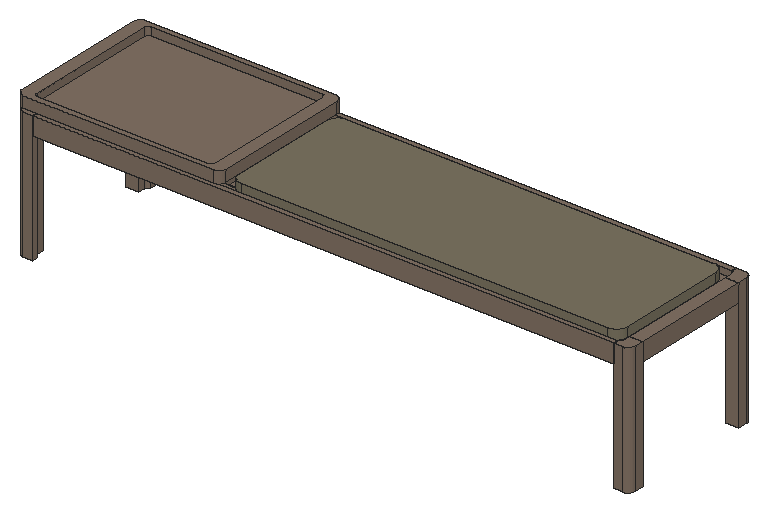
Revit family "Museum_Bench_BIM", category Arredi, Revit 2023
Family settings
  Numero OmniClass = 23.40.20.00
  Titolo OmniClass = General Furniture and Specialties
  Basato su piano di lavoro = No
  Attiva taglio nelle viste = No
  Sempre verticale = Sì
  Taglio con vuoti quando caricato = No
  Origine composizione di rendering = Geometria famiglia
  Condiviso = No
  Punto di calcolo locali = No
Parameters (values of type "CB-31B")
  WIDTH = 1685 mm
  URL = "https://bassamfellows.com/"
  UPHOLSTERY MATERIAL = BASSAM_FELLOWS_ELEGANT_LEATHER_48027_OLIVE
  TECHNICAL SHEET = "https://bassamfellows.com/collections/museum-bench"
  STRUCTURE MATERIAL = BASSAM_FELLOWS_WALNUT_BLACK_OIL_W-BO
  PRODUCT SHEET = "https://www.archiproducts.com/en/products/bassamfellows/solid-wood-and-brass-bench-museum_447632"
  PRODUCT CODE = "CB-31B"
  Modello = "Museum Bench (2/3 Cushion and Removable Tray)"
  Produttore = "BassamFellows"
  MATERIAL DESCRIPTION = "Carved, solid wood exterior frame. Steel inner frame. Upholstery: Foam with edge banding. Single topstitch detail."  # constant formula
  HEIGHT = 385 mm
  FULL CUSHION = no
  Descrizione = "Solid wood and brass bench"
  Prospetto di default = 0 mm
  DEPTH = 420 mm
  COLLECTION = "Museum Bench"
  CB-12 = yes
  BIM USER MANUAL = "https://bimcad.edilportale.com/BASSAMFELLOWS-BIM-USER-MANUAL-BassamFellows-bim.pdf"
  BIM BADGE = "https://bim.archiproducts.com/it/badge/bim-archiproducts-featured_658700/about"
  BIM AUTHOR = "https://bim.archiproducts.com/"
  BASE MATERIAL = BASSAM_FELLOWS_WALNUT_BLACK_OIL_W-BO
  AVAILABLE FINISHES = "Ebonized black lacquer on Ash (EB) or bleached, white pigment, matte acrylic on Ash (BL). Raw effect lacquer on Oak (RE). Hand rubbed natural oil on Oak or Walnut (NA), or hand rubbed black oil on Walnut (BO). Inner frame: Satin nickel (SN), satin brass (SB), bronze (BZ) or gunmetal (GM) nanoceramic coated steel."  # constant formula
  AVAILABLE DIMENSIONS = ""
  AVAILABLE COLORS = ""
  ACCESSORIES = ""
  2/3 CUSHION = yes
Types (2, lengths in mm): name | PRODUCT CODE | Modello | FULL CUSHION | CB-12 | 2/3 CUSHION
  CB-31B | "CB-31B" | "Museum Bench (2/3 Cushion and Removable Tray)" | no | yes | yes
  CB-31 | "CB-31" | "Museum Bench (Full Cushion)" | yes | no | no
Reference planes
  plane 1 "Center (Front/Back)": y = 0
  plane 2: z = 0
  plane 3 "Center (Left/Right)": x = 0
  plane 4 "TOP": z = 385
  plane 5: x = -842.5
  plane 6: x = 842.5
  plane 7: y = 210
  plane 8: y = -210
Forms (mm)
  Extrusion 1, solid, not visible
    sketch origin (314.943, -207.5, 0) x (-1, 0, 0) y (0, 0, 1)
      loop
        line (794.943, 399) -> (819.091, 310) -> (863.645, 310) -> (842.502, 387.928)
        arc (842.502, 387.928) -> (837.138, 395.915) -> (828.025, 399) r 15
        line (828.025, 399) -> (794.943, 399)
    from 0 to 415
  Blend 2, solid, not visible, detail levels fine
    base sketch origin (29.864, 0, -5.191) x (1, 0, 0.000401) y (0, 1, 0)
      loop
        line (-496.501, -245.5) -> (-496.501, -207.5) -> (-562.246, -207.5) -> (-562.246, -225.5)
        arc (-562.246, -225.5) -> (-556.388, -239.642) -> (-542.246, -245.5) r 20
        line (-542.246, -245.5) -> (-496.501, -245.5)
    top sketch origin (29.864, 0, -5.191) x (1, 0, 0.000401) y (0, 1, 0)
      loop
        arc (-374.739, -225.5) -> (-368.881, -239.642) -> (-354.739, -245.5) r 20
        line (-354.739, -245.5) -> (-308.994, -245.5) -> (-308.994, -207.5) -> (-374.739, -207.5) -> (-374.739, -225.5)
    from 0 to 695.202
  Blend 3, solid, not visible, detail levels fine
    base sketch origin (29.864, 0, -5.191) x (1, 0, 0.000401) y (0, 1, 0)
      loop
        line (-496.501, 245.5) -> (-542.246, 245.5)
        arc (-542.246, 245.5) -> (-556.388, 239.642) -> (-562.246, 225.5) r 20
        line (-562.246, 225.5) -> (-562.246, 207.5) -> (-496.501, 207.5) -> (-496.501, 245.5)
    top sketch origin (29.864, 0, -5.191) x (1, 0, 0.000401) y (0, 1, 0)
      loop
        line (-374.739, 225.5) -> (-374.739, 207.5) -> (-308.994, 207.5) -> (-308.994, 245.5) -> (-354.739, 245.5)
        arc (-354.739, 245.5) -> (-368.881, 239.642) -> (-374.739, 225.5) r 20
    from 0 to 695.202
  Blend 4, solid, not visible, detail levels fine
    base sketch origin (29.864, 0, -5.191) x (1, 0, 0.000401) y (0, 1, 0)
      loop
        line (-496.501, -245.5) -> (-496.501, -207.5) -> (-562.246, -207.5) -> (-562.246, -225.5)
        arc (-562.246, -225.5) -> (-556.388, -239.642) -> (-542.246, -245.5) r 20
        line (-542.246, -245.5) -> (-496.501, -245.5)
    top sketch origin (29.864, 0, -5.191) x (1, 0, 0.000401) y (0, 1, 0)
      loop
        arc (-374.739, -225.5) -> (-368.881, -239.642) -> (-354.739, -245.5) r 20
        line (-354.739, -245.5) -> (-308.994, -245.5) -> (-308.994, -207.5) -> (-374.739, -207.5) -> (-374.739, -225.5)
    from 0 to 695.202
  Blend 5, solid, not visible, detail levels fine
    base sketch origin (29.864, 0, -5.191) x (1, 0, 0.000401) y (0, 1, 0)
      loop
        line (-496.501, 245.5) -> (-542.246, 245.5)
        arc (-542.246, 245.5) -> (-556.388, 239.642) -> (-562.246, 225.5) r 20
        line (-562.246, 225.5) -> (-562.246, 207.5) -> (-496.501, 207.5) -> (-496.501, 245.5)
    top sketch origin (29.864, 0, -5.191) x (1, 0, 0.000401) y (0, 1, 0)
      loop
        line (-374.739, 225.5) -> (-374.739, 207.5) -> (-308.994, 207.5) -> (-308.994, 245.5) -> (-354.739, 245.5)
        arc (-354.739, 245.5) -> (-368.881, 239.642) -> (-374.739, 225.5) r 20
    from 0 to 695.202
  Extrusion 6, solid, detail levels medium
    sketch origin (0, 0, 0) x (1, 0, 0) y (0, 1, 0)
      loop
        line (-842.5, 210) -> (-842.5, -210) -> (842.5, -210) -> (842.5, 210) -> (-842.5, 210)
    from 0 to 424.661
  Extrusion 7, solid, material "BASSAM_FELLOWS_WALNUT_BLACK_OIL_W-BO" <- "STRUCTURE MATERIAL", detail levels fine
    sketch origin (0, 0, 385) x (-1, 0, 0) y (0, -1, 0)
      loop
        line (807.5, -165) -> (807.5, -185.01)
        arc (807.5, -185.01) -> (804.571, -192.081) -> (797.5, -195.01) r 10
        line (797.5, -195.01) -> (797.5, -210) -> (823.724, -210)
        arc (823.724, -210) -> (836.925, -203.672) -> (842.5, -190.136) r 20.424
        line (842.5, -190.136) -> (842.5, -165) -> (807.5, -165)
      loop
        line (807.5, 165) -> (842.5, 165) -> (842.5, 190.136)
        arc (842.5, 190.136) -> (836.925, 203.672) -> (823.724, 210) r 20.424
        line (823.724, 210) -> (797.5, 210) -> (797.5, 195.01)
        arc (797.5, 195.01) -> (804.571, 192.081) -> (807.5, 185.01) r 10
        line (807.5, 185.01) -> (807.5, 165)
      loop
        line (-807.5, -165) -> (-842.5, -165) -> (-842.5, -190.136)
        arc (-842.5, -190.136) -> (-836.925, -203.672) -> (-823.724, -210) r 20.424
        line (-823.724, -210) -> (-797.5, -210) -> (-797.5, -195.01)
        arc (-797.5, -195.01) -> (-804.571, -192.081) -> (-807.5, -185.01) r 10
        line (-807.5, -185.01) -> (-807.5, -165)
      loop
        line (-807.5, 165) -> (-807.5, 185.01)
        arc (-807.5, 185.01) -> (-804.571, 192.081) -> (-797.5, 195.01) r 10
        line (-797.5, 195.01) -> (-797.5, 210) -> (-823.724, 210)
        arc (-823.724, 210) -> (-836.925, 203.672) -> (-842.5, 190.136) r 20.424
        line (-842.5, 190.136) -> (-842.5, 165) -> (-807.5, 165)
    from 0 to -357
  Extrusion 8, solid, material "BASSAM_FELLOWS_WALNUT_BLACK_OIL_W-BO" <- "STRUCTURE MATERIAL", detail levels fine
    sketch origin (0, 0, 385) x (-1, 0, 0) y (0, -1, 0)
      loop
        line (842.5, -165) -> (842.5, 165) -> (807.5, 165) -> (807.5, -165) -> (842.5, -165)
      loop
        line (797.5, -210) -> (797.5, -195.01) -> (-797.5, -195.01) -> (-797.5, -210) -> (797.5, -210)
      loop
        line (-807.5, -165) -> (-807.5, 165) -> (-842.5, 165) -> (-842.5, -165) -> (-807.5, -165)
      loop
        line (-797.5, 195.01) -> (797.5, 195.01) -> (797.5, 210) -> (-797.5, 210) -> (-797.5, 195.01)
    from 0 to -50
  Extrusion 9, solid, material "BASSAM_FELLOWS_WALNUT_BLACK_OIL_W-BO" <- "STRUCTURE MATERIAL", detail levels fine
    sketch origin (0, 0, 385) x (-1, 0, 0) y (0, -1, 0)
      loop
        line (799.5, 166) -> (799.5, 191) -> (-799.5, 191) -> (-799.5, 166) -> (-799.5, -166) -> (-799.5, -191) -> (799.5, -191) -> (799.5, -166) -> (799.5, 166)
      loop
        line (774.5, -166) -> (774.5, 166) -> (-774.5, 166) -> (-774.5, -166) -> (774.5, -166)
    from -13.669 to -50
  Extrusion 10, solid, material "BASSAM_FELLOWS_WALNUT_BLACK_OIL_W-BO" <- "STRUCTURE MATERIAL", detail levels fine
    sketch origin (0, 0, 385) x (-1, 0, 0) y (0, -1, 0)
      loop
        line (-724.5, -166) -> (-724.5, 166) -> (-749.5, 166) -> (-749.5, -166) -> (-724.5, -166)
      loop
        line (-674.5, -166) -> (-674.5, 166) -> (-699.5, 166) -> (-699.5, -166) -> (-674.5, -166)
      loop
        line (-624.5, -166) -> (-624.5, 166) -> (-649.5, 166) -> (-649.5, -166) -> (-624.5, -166)
      loop
        line (-574.5, -166) -> (-574.5, 166) -> (-599.5, 166) -> (-599.5, -166) -> (-574.5, -166)
      loop
        line (-524.5, -166) -> (-524.5, 166) -> (-549.5, 166) -> (-549.5, -166) -> (-524.5, -166)
      loop
        line (-474.5, -166) -> (-474.5, 166) -> (-499.5, 166) -> (-499.5, -166) -> (-474.5, -166)
      loop
        line (-424.5, -166) -> (-424.5, 166) -> (-449.5, 166) -> (-449.5, -166) -> (-424.5, -166)
      loop
        line (-374.5, -166) -> (-374.5, 166) -> (-399.5, 166) -> (-399.5, -166) -> (-374.5, -166)
      loop
        line (-314.5, -166) -> (-314.5, 166) -> (-339.5, 166) -> (-339.5, -166) -> (-314.5, -166)
      loop
        line (-259.5, -166) -> (-259.5, 166) -> (-284.5, 166) -> (-284.5, -166) -> (-259.5, -166)
      loop
        line (-209.5, -166) -> (-209.5, 166) -> (-234.5, 166) -> (-234.5, -166) -> (-209.5, -166)
      loop
        line (-159.5, -166) -> (-159.5, 166) -> (-184.5, 166) -> (-184.5, -166) -> (-159.5, -166)
      loop
        line (-109.5, -166) -> (-109.5, 166) -> (-134.5, 166) -> (-134.5, -166) -> (-109.5, -166)
      loop
        line (-59.5, -166) -> (-59.5, 166) -> (-84.5, 166) -> (-84.5, -166) -> (-59.5, -166)
      loop
        line (-9.5, -166) -> (-9.5, 166) -> (-34.5, 166) -> (-34.5, -166) -> (-9.5, -166)
      loop
        line (37.5, -166) -> (37.5, 166) -> (12.5, 166) -> (12.5, -166) -> (37.5, -166)
      loop
        line (87.5, -166) -> (87.5, 166) -> (62.5, 166) -> (62.5, -166) -> (87.5, -166)
      loop
        line (137.5, -166) -> (137.5, 166) -> (112.5, 166) -> (112.5, -166) -> (137.5, -166)
      loop
        line (187.5, -166) -> (187.5, 166) -> (162.5, 166) -> (162.5, -166) -> (187.5, -166)
      loop
        line (237.5, -166) -> (237.5, 166) -> (212.5, 166) -> (212.5, -166) -> (237.5, -166)
      loop
        line (292.5, -166) -> (292.5, 166) -> (267.5, 166) -> (267.5, -166) -> (292.5, -166)
      loop
        line (342.5, -166) -> (342.5, 166) -> (317.5, 166) -> (317.5, -166) -> (342.5, -166)
      loop
        line (399.5, -166) -> (399.5, 166) -> (374.5, 166) -> (374.5, -166) -> (399.5, -166)
      loop
        line (449.5, -166) -> (449.5, 166) -> (424.5, 166) -> (424.5, -166) -> (449.5, -166)
      loop
        line (499.5, -166) -> (499.5, 166) -> (474.5, 166) -> (474.5, -166) -> (499.5, -166)
      loop
        line (549.5, -166) -> (549.5, 166) -> (524.5, 166) -> (524.5, -166) -> (549.5, -166)
      loop
        line (599.5, -166) -> (599.5, 166) -> (574.5, 166) -> (574.5, -166) -> (599.5, -166)
      loop
        line (649.5, -166) -> (649.5, 166) -> (624.5, 166) -> (624.5, -166) -> (649.5, -166)
      loop
        line (699.5, -166) -> (699.5, 166) -> (674.5, 166) -> (674.5, -166) -> (699.5, -166)
      loop
        line (749.5, -166) -> (749.5, 166) -> (724.5, 166) -> (724.5, -166) -> (749.5, -166)
    from -13.669 to -50
  Extrusion 11, solid, material "BASSAM_FELLOWS_WALNUT_BLACK_OIL_W-BO" <- "BASE MATERIAL", visible <- "CB-12", detail levels fine
    sketch origin (0, 0, 385) x (-1, 0, 0) y (0, -1, 0)
      loop
        arc (823.724, -210) -> (836.925, -203.672) -> (842.5, -190.136) r 20.424
        line (842.5, -190.136) -> (842.5, 190.136)
        arc (842.5, 190.136) -> (836.925, 203.672) -> (823.724, 210) r 20.424
        line (823.724, 210) -> (301.276, 210)
        arc (301.276, 210) -> (288.075, 203.672) -> (282.5, 190.136) r 20.424
        line (282.5, 190.136) -> (282.5, -190.136)
        arc (282.5, -190.136) -> (288.075, -203.672) -> (301.276, -210) r 20.424
        line (301.276, -210) -> (823.724, -210)
      loop
        arc (807.5, 185.01) -> (804.571, 192.081) -> (797.5, 195.01) r 10
        line (797.5, 195.01) -> (327.5, 195.01)
        arc (327.5, 195.01) -> (320.429, 192.081) -> (317.5, 185.01) r 10
        line (317.5, 185.01) -> (317.5, -185.01)
        arc (317.5, -185.01) -> (320.429, -192.081) -> (327.5, -195.01) r 10
        line (327.5, -195.01) -> (797.5, -195.01)
        arc (797.5, -195.01) -> (804.571, -192.081) -> (807.5, -185.01) r 10
        line (807.5, -185.01) -> (807.5, 185.01)
    from 8.505 to 39.661
  Extrusion 12, solid, material "BASSAM_FELLOWS_WALNUT_BLACK_OIL_W-BO" <- "BASE MATERIAL", visible <- "CB-12", detail levels fine
    sketch origin (0, 0, 385) x (-1, 0, 0) y (0, -1, 0)
      loop
        line (807.5, -185.01) -> (807.5, 185.01)
        arc (807.5, 185.01) -> (804.571, 192.081) -> (797.5, 195.01) r 10
        line (797.5, 195.01) -> (327.5, 195.01)
        arc (327.5, 195.01) -> (320.429, 192.081) -> (317.5, 185.01) r 10
        line (317.5, 185.01) -> (317.5, -185.01)
        arc (317.5, -185.01) -> (320.429, -192.081) -> (327.5, -195.01) r 10
        line (327.5, -195.01) -> (797.5, -195.01)
        arc (797.5, -195.01) -> (804.571, -192.081) -> (807.5, -185.01) r 10
    from 19.144 to 8.505
  Extrusion 13, solid, material "BASSAM_FELLOWS_ELEGANT_LEATHER_48027_OLIVE" <- "UPHOLSTERY MATERIAL", visible <- "FULL CUSHION", detail levels fine
    sketch origin (0, 0, 371.331) x (-1, 0, 0) y (0, -1, 0)
      loop
        arc (759.5, -181) -> (780.713, -172.213) -> (789.5, -151) r 30
        line (789.5, -151) -> (789.5, 151)
        arc (789.5, 151) -> (780.713, 172.213) -> (759.5, 181) r 30
        line (759.5, 181) -> (-759.5, 181)
        arc (-759.5, 181) -> (-780.713, 172.213) -> (-789.5, 151) r 30
        line (-789.5, 151) -> (-789.5, -151)
        arc (-789.5, -151) -> (-780.713, -172.213) -> (-759.5, -181) r 30
        line (-759.5, -181) -> (759.5, -181)
    from 0 to 25
  Extrusion 14, solid, material "BASSAM_FELLOWS_ELEGANT_LEATHER_48027_OLIVE" <- "UPHOLSTERY MATERIAL", visible <- "2/3 CUSHION", detail levels fine
    sketch origin (0, 0, 371.331) x (-1, 0, 0) y (0, -1, 0)
      loop
        arc (247.582, -181) -> (268.795, -172.213) -> (277.582, -151) r 30
        line (277.582, -151) -> (277.582, 151)
        arc (277.582, 151) -> (268.795, 172.213) -> (247.582, 181) r 30
        line (247.582, 181) -> (-759.5, 181)
        arc (-759.5, 181) -> (-780.713, 172.213) -> (-789.5, 151) r 30
        line (-789.5, 151) -> (-789.5, -151)
        arc (-789.5, -151) -> (-780.713, -172.213) -> (-759.5, -181) r 30
        line (-759.5, -181) -> (247.582, -181)
    from 0 to 25
Lines and regions (mm)
  symbolic lines, detail levels coarse
    curve 1: line (0, 158.5, 299.996) -> (0, -158.5, 299.996)
    curve 2: line (0, 158.5, 150) -> (0, 158.5, 299.996)
    curve 3: line (0, -158.5, 150) -> (0, 158.5, 150)
    curve 4: line (0, -158.5, 299.996) -> (0, -158.5, 150)
    curve 5: line (0, 31.625, 150) -> (0, 31.625, 0)
    curve 6: line (0, 31.625, 0) -> (0, -31.753, 0)
    curve 7: line (0, -31.753, 0) -> (0, -31.753, 150)
    curve 8: line (-842.5, 210, 0) -> (842.5, 210, 0)
    curve 9: line (-842.5, -210, 0) -> (-842.5, 210, 0)
    curve 10: line (842.5, -210, 0) -> (-842.5, -210, 0)
    curve 11: line (842.5, 210, 0) -> (842.5, -210, 0)
    curve 12: line (-842.5, 210, 385) -> (842.5, 210, 385)
    curve 13: line (-842.5, -210, 385) -> (-842.5, 210, 385)
    curve 14: line (842.5, -210, 385) -> (-842.5, -210, 385)
    curve 15: line (842.5, 210, 385) -> (842.5, -210, 385)
Dimensions and locks
  "HEIGHT": plane 4 "TOP" to plane 2
  equal spacing: plane 5, plane 3 "Center (Left/Right)", plane 6
  equal spacing: plane 7, plane 1 "Center (Front/Back)", plane 8
  "DEPTH": plane 7 to plane 8
  "WIDTH": plane 5 to plane 6
  aligned and locked: level to plane 2
  aligned and locked: Blend 2 sketch curve to var sketch
  aligned and locked: Blend 3 sketch curve to var sketch
  aligned and locked: Blend 4 sketch curve to var sketch
  aligned and locked: Blend 5 sketch curve to var sketch
  aligned and locked: Extrusion 6 sketch curve to curve 8
  aligned and locked: Extrusion 6 sketch curve to curve 9
  aligned and locked: Extrusion 6 sketch curve to curve 10
  aligned and locked: Extrusion 6 sketch curve to curve 11
Automatic sketch dimensions
  Extrusion 1 sketch curve to Extrusion 1 sketch curve = 24.147 mm
  Extrusion 1 sketch curve to Extrusion 1 sketch curve = 33.082 mm
  Extrusion 1 sketch curve to Extrusion 1 sketch curve = 14.477 mm
  Extrusion 1 sketch curve to Extrusion 1 sketch curve = 44.555 mm
  Extrusion 1 sketch curve to Extrusion 1 sketch curve = 74 mm
  Extrusion 1 sketch curve to Extrusion 1 sketch curve = 3.928 mm
  curve 10 to plane 5 = 0 mm
  curve 10 to plane 6 = 0 mm
  curve 10 to plane 8 = 0 mm
  curve 9 to plane 7 = 0 mm
  curve 6 to level = 0 mm
  curve 1 to plane 8 = 51.5 mm
  curve 2 to plane 7 = 51.5 mm
  level to curve 3 = 150 mm
  curve 2 to plane 4 "TOP" = 85.004 mm
  Blend 2 sketch curve to Blend 2 sketch curve = 20 mm  (x2)
  Blend 2 sketch curve to Blend 2 sketch curve = 45.746 mm  (x2)
  Blend 3 sketch curve to Blend 3 sketch curve = 20 mm  (x2)
  Blend 3 sketch curve to Blend 3 sketch curve = 45.746 mm  (x2)
  Blend 2 sketch curve to Blend 2 sketch curve = 18 mm
  Blend 2 sketch curve to Blend 2 sketch curve = 38 mm
  Blend 3 sketch curve to Blend 3 sketch curve = 18 mm
  Blend 3 sketch curve to Blend 3 sketch curve = 38 mm
  Blend 4 sketch curve to Blend 4 sketch curve = 20 mm  (x2)
  Blend 4 sketch curve to Blend 4 sketch curve = 45.746 mm  (x2)
  Blend 5 sketch curve to Blend 5 sketch curve = 20 mm  (x2)
  Blend 5 sketch curve to Blend 5 sketch curve = 45.746 mm  (x2)
  Blend 4 sketch curve to Blend 4 sketch curve = 18 mm
  Blend 4 sketch curve to Blend 4 sketch curve = 38 mm
  Blend 5 sketch curve to Blend 5 sketch curve = 18 mm
  Blend 5 sketch curve to Blend 5 sketch curve = 38 mm
  curve 12 to plane 6 = 0 mm
  curve 14 to plane 5 = 0 mm
  plane 7 to curve 12 = 0 mm
  curve 14 to plane 8 = 0 mm
  curve 6 to plane 8 = 178.247 mm
  curve 5 to plane 7 = 178.375 mm
  Extrusion 7 sketch curve to plane 6 = 0 mm  (x2)
  plane 8 to Extrusion 7 sketch curve = 0 mm
  plane 7 to Extrusion 7 sketch curve = 0 mm
  Extrusion 7 sketch curve to plane 8 = 0 mm
  Extrusion 7 sketch curve to plane 7 = 0 mm
  Extrusion 7 sketch curve to plane 5 = 0 mm  (x2)
  Extrusion 7 sketch curve to plane 6 = 18.776 mm  (x2)
  Extrusion 7 sketch curve to plane 8 = 20.358 mm
  Extrusion 7 sketch curve to Extrusion 7 sketch curve = 1.643 mm  (x2)
  Extrusion 7 sketch curve to plane 7 = 20.358 mm
  Extrusion 7 sketch curve to Extrusion 7 sketch curve = 14.582 mm  (x4)
  Extrusion 7 sketch curve to Extrusion 7 sketch curve = 26.224 mm
  Extrusion 7 sketch curve to Extrusion 7 sketch curve = 10 mm  (x3)
  Extrusion 7 sketch curve to plane 8 = 14.99 mm
  plane 5 to Extrusion 7 sketch curve = 45 mm  (x2)
  plane 5 to Extrusion 7 sketch curve = 18.776 mm  (x2)
  Extrusion 7 sketch curve to plane 7 = 14.99 mm
  Extrusion 7 sketch curve to Extrusion 7 sketch curve = 14.99 mm
  Extrusion 7 sketch curve to plane 7 = 19.864 mm
  Extrusion 7 sketch curve to Extrusion 7 sketch curve = 25.136 mm  (x2)
  Extrusion 7 sketch curve to Extrusion 7 sketch curve = 24.642 mm
  Extrusion 7 sketch curve to Extrusion 7 sketch curve = 20.01 mm  (x2)
  Extrusion 7 sketch curve to Extrusion 7 sketch curve = 4.632 mm
  Extrusion 8 sketch curve to plane 6 = 0 mm
  plane 7 to Extrusion 8 sketch curve = 0 mm
  plane 8 to Extrusion 8 sketch curve = 0 mm
  Extrusion 8 sketch curve to plane 5 = 0 mm
  Extrusion 8 sketch curve to Extrusion 8 sketch curve = 35 mm
  Extrusion 8 sketch curve to plane 7 = 14.99 mm
  Extrusion 8 sketch curve to Extrusion 8 sketch curve = 10 mm  (x3)
  Extrusion 8 sketch curve to plane 8 = 14.99 mm
  plane 5 to Extrusion 8 sketch curve = 45 mm  (x2)
  Extrusion 8 sketch curve to Extrusion 8 sketch curve = 30.01 mm  (x2)
  Extrusion 8 sketch curve to plane 7 = 45 mm
  Extrusion 8 sketch curve to plane 8 = 45 mm
  Extrusion 9 sketch curve to Extrusion 9 sketch curve = 25 mm  (x5)
  plane 5 to Extrusion 9 sketch curve = 68 mm
  Extrusion 9 sketch curve to plane 7 = 19 mm
  Extrusion 9 sketch curve to plane 8 = 44 mm
  Extrusion 9 sketch curve to plane 8 = 19 mm
  Extrusion 9 sketch curve to Extrusion 9 sketch curve = 0 mm  (x2)
  Extrusion 9 sketch curve to plane 6 = 68 mm
  Extrusion 10 sketch curve to Extrusion 10 sketch curve = 25 mm  (x53)
  Extrusion 10 sketch curve to Extrusion 10 sketch curve = 35 mm
  Extrusion 10 sketch curve to Extrusion 10 sketch curve = 30 mm  (x2)
  plane 3 "Center (Left/Right)" to Extrusion 10 sketch curve = 34.5 mm
  plane 3 "Center (Left/Right)" to Extrusion 10 sketch curve = 9.5 mm
  Extrusion 10 sketch curve to Extrusion 10 sketch curve = 22 mm
  Extrusion 10 sketch curve to Extrusion 10 sketch curve = 32 mm
  Extrusion 10 sketch curve to plane 7 = 44 mm  (x29)
  Extrusion 10 sketch curve to Extrusion 10 sketch curve = 0 mm  (x2)
  Extrusion 10 sketch curve to plane 8 = 44 mm  (x29)
  plane 8 to Extrusion 11 sketch curve = 0 mm
  Extrusion 11 sketch curve to plane 7 = 0 mm
  Extrusion 11 sketch curve to plane 5 = 0 mm
  plane 5 to Extrusion 11 sketch curve = 18.776 mm  (x2)
  Extrusion 11 sketch curve to plane 7 = 20.358 mm
  Extrusion 11 sketch curve to Extrusion 11 sketch curve = 1.643 mm  (x3)
  Extrusion 11 sketch curve to plane 8 = 20.358 mm
  Extrusion 11 sketch curve to Extrusion 11 sketch curve = 20.418 mm  (x2)
  Extrusion 11 sketch curve to Extrusion 11 sketch curve = 14.582 mm  (x3)
  Extrusion 11 sketch curve to Extrusion 11 sketch curve = 10 mm  (x3)
  Extrusion 11 sketch curve to plane 8 = 24.99 mm
  Extrusion 11 sketch curve to plane 3 "Center (Left/Right)" = 327.5 mm  (x2)
  Extrusion 11 sketch curve to plane 7 = 24.99 mm
  Extrusion 11 sketch curve to plane 7 = 19.864 mm
  Extrusion 11 sketch curve to Extrusion 11 sketch curve = 4.632 mm
  Extrusion 12 sketch curve to plane 7 = 24.99 mm  (x2)
  Extrusion 12 sketch curve to plane 3 "Center (Left/Right)" = 317.5 mm
  Extrusion 12 sketch curve to Extrusion 12 sketch curve = 10 mm  (x3)
  plane 5 to Extrusion 12 sketch curve = 45 mm
  Extrusion 12 sketch curve to plane 8 = 24.99 mm
  Extrusion 13 sketch curve to Extrusion 9 = 10 mm  (x3)
  Extrusion 9 to Extrusion 13 sketch curve = 15 mm  (x5)
  Extrusion 14 sketch curve to Extrusion 9 = 10 mm  (x3)
  Extrusion 9 to Extrusion 14 sketch curve = 15 mm  (x3)
  Extrusion 9 to Extrusion 14 sketch curve = 526.918 mm
  Extrusion 14 sketch curve to Extrusion 14 sketch curve = 30 mm
Nested families
  nested 1: "Family1" at (-400, 0, 0), type "Family1", not visible, detail levels fine
    with L 415 mm
Definition of nested family "Family1"
  Parameters
    L [instance] = 415 mm
    Default Elevation = 0 mm
  Reference planes
    plane 1 "Center (Front/Back)": y = 0
    plane 2: z = 0
    plane 3 "Center (Left/Right)": x = 0
    plane 4: y = 207.5
    plane 5: y = -207.5
  Forms (mm)
    Extrusion 1, solid
      sketch origin (828.025, -207.5, 0) x (-1, 0, 0) y (0, 0, 1)
        loop
          line (794.943, 399) -> (819.091, 310) -> (863.645, 310) -> (842.502, 387.928)
          arc (842.502, 387.928) -> (837.138, 395.915) -> (828.025, 399) r 15
          line (828.025, 399) -> (794.943, 399)
      from 0 to 415
  Dimensions and locks
    "L": plane 4 to plane 5
    aligned and locked: level to plane 2
  Automatic sketch dimensions
    Extrusion 1 sketch curve to plane 3 "Center (Left/Right)" = 0 mm
    plane 3 "Center (Left/Right)" to Extrusion 1 sketch curve = 8.935 mm
    plane 3 "Center (Left/Right)" to Extrusion 1 sketch curve = 33.082 mm
    Extrusion 1 sketch curve to plane 3 "Center (Left/Right)" = 14.477 mm
    Extrusion 1 sketch curve to plane 3 "Center (Left/Right)" = 35.62 mm
    level to Extrusion 1 sketch curve = 310 mm
    Extrusion 1 sketch curve to Extrusion 1 sketch curve = 74 mm
    Extrusion 1 sketch curve to Extrusion 1 sketch curve = 3.928 mm
